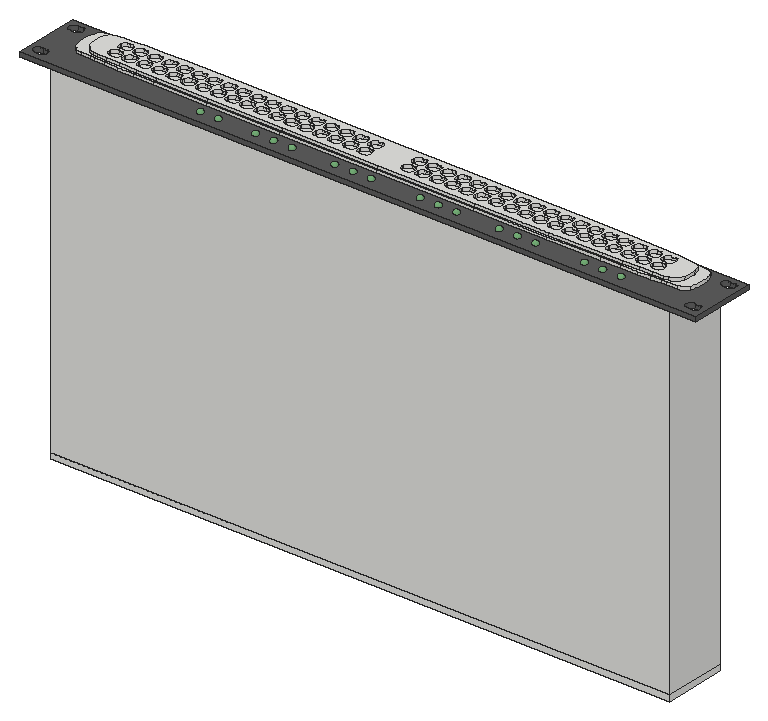
Revit family "Electronics_Expansion-Outputs_Biamp_Vocia_Enhanced-Output-Device_VO-4e__", category Communication Devices, host Face, Revit 2020
Family settings
  Host = Face
  Maintain Annotation Orientation = No
  Round Connector Dimension = Use Diameter
  Part Type = Normal
  OmniClass Number = 23.85.10.11.14
  OmniClass Title = Audio Equipment
  Cut with Voids When Loaded = No
  Shared = No
  Room Calculation Point = No
Parameters (values of type "VO-4e")
  Width = 19.00"  # constant formula
  Weight = 6.40 lbf  # constant formula
  Voltage = 0 V
  Vocia VO-4e = yes
  Un-assert = "Open Circuit"  # constant formula
  URL = "https://www.biamp.com/"
  Type Control Outputs = "Single Form C voltage free change over contact"  # constant formula
  Temperature Range = "23 - 104° F (-8 - 42° C)"  # constant formula
  THD+N = "<0.05%"  # constant formula
  Product data url = "https://www.bimobject.com/biamp/product/vocia-vo-4e_expansion-output"
  Product Page URL = "https://www.biamp.com/products/product-families/vocia/vocia-expansion-outputs#vocia-vo-4e"
  Product Documentation Link = "https://downloads.biamp.com/assets/docs/default-source/data-sheets/biamp_data_sheet_vocia_vo-4e_oct18.pdf"
  Power Factor = 1
  Number of Poles = 1
  Nominal Output Level = "-10dBu, 0dBu, +4dBu (selectable)"  # constant formula
  Network Connection = "Dual RJ45 with shielded Ethernet (CAT5, CAT5e, CAT6, or CAT 7)"  # constant formula
  Network Audio = "20-bits, 48kHz, 5-1/3 ms (fxed)"  # constant formula
  Model = "Vocia VO-4e"  # constant formula
  Min Operating Load = "10µA 10mV DC"  # constant formula
  Memory = "5.625 MB"  # constant formula
  Maximum Output Load = "2 kohm"  # constant formula
  Maximum Output Level = "+22dBu"  # constant formula
  Max. short circuit current = "1mA"  # constant formula
  Max Switching Capacity = "37 VA"  # constant formula
  Max Power Consumption = 0 W
  Max Operating Voltage = "125V AC, 60V DC"  # constant formula
  Manufacturer = "Biamp"  # constant formula
  Input Impedance = "100 kohm"  # constant formula
  Humidity = "0-95% relative humidity (non-condensing)"  # constant formula
  Housing Material = Biamp - Metal - Silver
  Height = 1.75"  # constant formula
  Frequency Response = "± 1dB"  # constant formula
  Dynamic Range = ">100dB"  # constant formula
  Description = "Vocia® VO-4e Enhanced Output Device"  # constant formula
  Depth = 10.00"  # constant formula
  Default Elevation = 48.00"
  Connector Description = "RJ-45 PoE 802.3af Class 3; Primary"  # constant formula
  Compliance = "FCC Part 15B (USA) ,RCM (Australia), CE marked (Europe) ,RoHS Directive (Europe)"  # constant formula
  Aux Voltage Nominal = "24V DC; <100mV Ripple (Max 15W)"  # constant formula
  Assert = "Voltage free contact to ground"  # constant formula
  Assembly Code = ""
  Apparent Load = Max Power Consumption / Power Factor  # 0 VA
  Altitude = "0-10,000 ft (0-3000m) MSL"  # constant formula
Reference planes (in)
  plane 1 "Center (Front/Back)": y = 0
  plane 2: z = 0
  plane 3 "Center (Left/Right)": x = 0
  plane 4: y = 0.875
  plane 5: y = -0.875
  plane 6: x = 18.34344
  plane 7: y = 0.62447
  plane 8: y = -0.62509
Dimensions and locks (in)
  equal spacing: plane 4, plane 1 "Center (Front/Back)", plane 5
  "Height": plane 4 to plane 5
  aligned and locked: plane 2 to host face
  aligned and locked: level to host face
Automatic sketch dimensions
  host sketch curve to host sketch curve = 96.00"  (x2)
Nested families (in)
  nested 1: "VO-4" at (9.17142, -0.875, -4.875) x (1, 0, 0) z (0, 1, 0), type "VO-4e"
Connectors (in)
  electrical at (12.3088, -0.21535, -9.70833), driven by "Voltage", driven by "Apparent Load", driven by "Number of Poles", driven by "Power Factor", driven by "Connector Description"
    settings: on nested 1, index 1, voltage 0 V, apparent load 0 VA, apparent load phase1 0 VA, apparent load phase2 0 VA, apparent load phase3 0 VA, power factor 1, load classification "Other", number of poles 1, system type 31, power factor state 1, is connector primary yes, connector utility no, sub classification motor no, connector description "RJ-45 PoE 802.3af Class 3; Primary"
  electrical at (11.674, -0.21535, -9.70833), driven by "Voltage", driven by "Apparent Load", driven by "Number of Poles", driven by "Power Factor"
    settings: on nested 1, index 2, voltage 0 V, apparent load 0 VA, apparent load phase1 0 VA, apparent load phase2 0 VA, apparent load phase3 0 VA, power factor 1, load classification "Other", number of poles 1, system type 31, power factor state 1, is connector primary no, connector utility no, sub classification motor no, connector description "RJ-45 PoE 802.3af Class 3; Secondary"
  electrical at (15.58473, -0.31192, -9.70833), driven by "Number of Poles", driven by "Voltage", driven by "Apparent Load", driven by "Power Factor"
    settings: on nested 1, index 3, voltage 0 V, apparent load 0 VA, apparent load phase1 0 VA, apparent load phase2 0 VA, apparent load phase3 0 VA, power factor 1, load classification "Other", number of poles 1, system type 30, power factor state 1, is connector primary no, connector utility no, sub classification motor no, connector description "Auxiliary Power 1,2; 24V DC"
  electrical at (17.39767, 0, -9.70833)
    settings: on nested 1, index 4, voltage 0 V, apparent load 0 VA, apparent load phase1 0 VA, apparent load phase2 0 VA, apparent load phase3 0 VA, power factor 1, load classification "Other", number of poles 1, system type 5, power factor state 1, is connector primary no, connector utility no, sub classification motor no, connector description "GND"
  electrical at (10.9066, 0.33295, -9.70833)
    settings: on nested 1, index 5, voltage 0 V, apparent load 0 VA, apparent load phase1 0 VA, apparent load phase2 0 VA, apparent load phase3 0 VA, power factor 1, load classification "Other", number of poles 1, system type 5, power factor state 1, is connector primary no, connector utility no, sub classification motor no, connector description "Audio output 1"
  electrical at (10.17992, 0.33295, -9.70833)
    settings: on nested 1, index 6, voltage 0 V, apparent load 0 VA, apparent load phase1 0 VA, apparent load phase2 0 VA, apparent load phase3 0 VA, power factor 1, load classification "Other", number of poles 1, system type 5, power factor state 1, is connector primary no, connector utility no, sub classification motor no, connector description "Audio output 2"
  electrical at (9.1268, 0.33295, -9.70833)
    settings: on nested 1, index 7, voltage 0 V, apparent load 0 VA, apparent load phase1 0 VA, apparent load phase2 0 VA, apparent load phase3 0 VA, power factor 1, load classification "Other", number of poles 1, system type 5, power factor state 1, is connector primary no, connector utility no, sub classification motor no, connector description "Audio output 3"
  electrical at (8.39711, 0.33295, -9.70833)
    settings: on nested 1, index 8, voltage 0 V, apparent load 0 VA, apparent load phase1 0 VA, apparent load phase2 0 VA, apparent load phase3 0 VA, power factor 1, load classification "Other", number of poles 1, system type 5, power factor state 1, is connector primary no, connector utility no, sub classification motor no, connector description "Audio output 4"
  electrical at (8.56268, -0.39396, -9.70833)
    settings: on nested 1, index 9, voltage 0 V, apparent load 0 VA, apparent load phase1 0 VA, apparent load phase2 0 VA, apparent load phase3 0 VA, power factor 1, load classification "Other", number of poles 1, system type 5, power factor state 1, is connector primary no, connector utility no, sub classification motor no, connector description "Page Active Relays (x4)"
  electrical at (7.14308, -0.30816, -9.70833)
    settings: on nested 1, index 10, voltage 0 V, apparent load 0 VA, apparent load phase1 0 VA, apparent load phase2 0 VA, apparent load phase3 0 VA, power factor 1, load classification "Other", number of poles 1, system type 5, power factor state 1, is connector primary no, connector utility no, sub classification motor no, connector description "Failover"
  electrical at (5.87994, -0.05802, -9.70833)
    settings: on nested 1, index 11, voltage 0 V, apparent load 0 VA, apparent load phase1 0 VA, apparent load phase2 0 VA, apparent load phase3 0 VA, power factor 1, load classification "Other", number of poles 1, system type 5, power factor state 1, is connector primary no, connector utility no, sub classification motor no, connector description "Control Outputs 1,2"
  electrical at (4.49645, -0.05802, -9.70833)
    settings: on nested 1, index 12, voltage 0 V, apparent load 0 VA, apparent load phase1 0 VA, apparent load phase2 0 VA, apparent load phase3 0 VA, power factor 1, load classification "Other", number of poles 1, system type 5, power factor state 1, is connector primary no, connector utility no, sub classification motor no, connector description "Control Outputs 3,4"
  electrical at (3.02357, -0.05802, -9.70833)
    settings: on nested 1, index 13, voltage 0 V, apparent load 0 VA, apparent load phase1 0 VA, apparent load phase2 0 VA, apparent load phase3 0 VA, power factor 1, load classification "Other", number of poles 1, system type 5, power factor state 1, is connector primary no, connector utility no, sub classification motor no, connector description "Control Inputs (x4)"
  electrical at (1.45724, -0.05802, -9.70833)
    settings: on nested 1, index 14, voltage 0 V, apparent load 0 VA, apparent load phase1 0 VA, apparent load phase2 0 VA, apparent load phase3 0 VA, power factor 1, load classification "Other", number of poles 1, system type 5, power factor state 1, is connector primary no, connector utility no, sub classification motor no, connector description "Amp. Fault Input (x4)"
Definition of nested family "VO-4"
  Parameters (values of type "VO-4e")
    Width1 = 19.00"
    Vocia VO-4e = yes
    Vocia VO-4 = no
    URL = ""
    Model = ""
    Material Case = none
    Manufacturer = ""
    Height1 = 1.75"
    Description = ""
    Depth1 = 10.00"
    Default Elevation = 48.00"
    Assembly Code = ""
  Reference planes (in)
    plane 1 "Center (Front/Back)": y = 0
    plane 2: z = 0
    plane 3 "Center (Left/Right)": x = 0
  Forms (in)
    Extrusion 1, solid, not visible
      sketch origin (0, 0, 0) x (1, 0, 0) y (0, 1, 0)
        loop
          line (-48, 48) -> (-48, -48) -> (48, -48) -> (48, 48) -> (-48, 48)
      from 0 to -12
    Extrusion 2, solid, detail levels medium+fine
      sketch origin (0, 0, 0) x (1, 0, 0) y (0, 1, 0)
        loop
          line (-9.5, -4.875) -> (-9.5, -5) -> (9.5, -5) -> (9.5, -4.875) -> (-9.5, -4.875)
      from -0.06582 to 1.77048
    Extrusion 3, solid, material <- "Material Case"
      sketch origin (0, 0, 0) x (1, 0, 0) y (0, 1, 0)
        loop
          line (-8.69922, -4.875) -> (8.70241, -4.875) -> (8.70241, 4.83333) -> (-8.69922, 4.83333) -> (-8.69922, -4.875)
      from 0 to 1.75
    Extrusion 4, void
      sketch origin (0, 0, 0) x (1, 0, 0) y (0, 0, 1)
        loop
          line (9.24101, 1.63341) -> (9.10302, 1.63341)
          arc (9.10302, 1.63341) -> (8.96908, 1.49947) -> (9.10302, 1.36552) r 0.13395
          line (9.10302, 1.36552) -> (9.24101, 1.36552)
          arc (9.24101, 1.36552) -> (9.37496, 1.49947) -> (9.24101, 1.63341) r 0.13395
        loop
          line (9.24101, 0.38386) -> (9.10302, 0.38386)
          arc (9.10302, 0.38386) -> (8.96908, 0.24991) -> (9.10302, 0.11597) r 0.13395
          line (9.10302, 0.11597) -> (9.24101, 0.11597)
          arc (9.24101, 0.11597) -> (9.37496, 0.24991) -> (9.24101, 0.38386) r 0.13395
        loop
          line (-9.10242, 0.38386) -> (-9.24042, 0.38386)
          arc (-9.24042, 0.38386) -> (-9.37436, 0.24991) -> (-9.24042, 0.11597) r 0.13395
          line (-9.24042, 0.11597) -> (-9.10242, 0.11597)
          arc (-9.10242, 0.11597) -> (-8.96848, 0.24991) -> (-9.10242, 0.38386) r 0.13395
        loop
          line (-9.10242, 1.63341) -> (-9.24042, 1.63341)
          arc (-9.24042, 1.63341) -> (-9.37436, 1.49947) -> (-9.24042, 1.36552) r 0.13395
          line (-9.24042, 1.36552) -> (-9.10242, 1.36552)
          arc (-9.10242, 1.36552) -> (-8.96848, 1.49947) -> (-9.10242, 1.63341) r 0.13395
      from 4.875 to 5
    Extrusion 5, solid, material <- "Material Case", detail levels medium+fine
      sketch origin (0, 0, 0) x (1, 0, 0) y (0, 0, 1)
        loop
          spline (-8.64077, 1.5063) -> (-8.65735, 1.45449) -> (-8.67111, 1.39928) -> (-8.68189, 1.34132) -> (-8.68957, 1.2813) -> (-8.69405, 1.21991) -> (-8.69529, 1.15789) -> (-8.69326, 1.09595) -> (-8.688, 1.03483) -> (-8.67956, 0.97524) -> (-8.66804, 0.91788) -> (-8.65359, 0.86344) -> (-8.63636, 0.81254)
          arc (-8.63636, 0.81254) -> (-8.53568, 0.71131) -> (-8.3997, 0.66781) r 0.30126
          line (-8.3997, 0.66781) -> (-8.09718, 0.64647) -> (-7.96202, 0.63909) -> (-7.67946, 0.629) -> (-7.31432, 0.62036) -> (-6.85355, 0.61315) -> (-6.28557, 0.6074) -> (-4.78587, 0.59874) -> (-2.72254, 0.59296) -> (0.00007, 0.59153) -> (2.72124, 0.59296) -> (4.78457, 0.59874) -> (6.28425, 0.6074) -> (6.85225, 0.61315) -> (7.31301, 0.62036) -> (7.67815, 0.629) -> (7.96073, 0.63909) -> (8.10159, 0.64678) -> (8.3997, 0.66781)
          arc (8.3997, 0.66781) -> (8.53568, 0.71131) -> (8.63636, 0.81254) r 0.30126
          spline (8.63636, 0.81254) -> (8.65359, 0.86344) -> (8.66804, 0.91788) -> (8.67956, 0.97524) -> (8.688, 1.03483) -> (8.69326, 1.09595) -> (8.69529, 1.15789) -> (8.69405, 1.21991) -> (8.68957, 1.2813) -> (8.68189, 1.34132) -> (8.67111, 1.39928) -> (8.65735, 1.45449) -> (8.64077, 1.5063)
          arc (8.64077, 1.5063) -> (8.53939, 1.61277) -> (8.3997, 1.65858) r 0.30126
          line (8.3997, 1.65858) -> (8.09857, 1.67982) -> (7.96202, 1.68728) -> (7.67946, 1.69738) -> (7.31432, 1.70603) -> (6.85355, 1.71324) -> (6.28557, 1.71901) -> (4.78587, 1.72765) -> (2.72254, 1.73341) -> (0, 1.73341) -> (-2.72254, 1.73341) -> (-4.78587, 1.72765) -> (-6.28557, 1.71901) -> (-6.85355, 1.71324) -> (-7.31432, 1.70603) -> (-7.67946, 1.69738) -> (-7.96202, 1.68728) -> (-8.09857, 1.67982) -> (-8.3997, 1.65858)
          arc (-8.3997, 1.65858) -> (-8.53939, 1.61277) -> (-8.64077, 1.5063) r 0.30126
      from 5 to 5.07874
    Extrusion 6, solid, material <- "Material Case", detail levels medium+fine
      sketch origin (0, -0.15748, 0) x (1, 0, 0) y (0, 0, 1)
        loop
          spline (-8.37154, 1.29486) -> (-8.37332, 1.26859) -> (-8.37451, 1.24218) -> (-8.37511, 1.21568) -> (-8.37511, 1.18916) -> (-8.37452, 1.16266) -> (-8.37333, 1.13625) -> (-8.37155, 1.10998) -> (-8.36918, 1.08391) -> (-8.36623, 1.05809) -> (-8.36271, 1.03258) -> (-8.35862, 1.00744) -> (-8.35396, 0.98271)
          arc (-8.35396, 0.98271) -> (-8.25757, 0.81591) -> (-8.07982, 0.74163) r 0.30126
          line (-8.07982, 0.74163) -> (-7.95889, 0.72678) -> (-7.67889, 0.69972) -> (-7.31401, 0.68698) -> (-6.85337, 0.67739) -> (-6.28549, 0.66748) -> (-4.78587, 0.64526) -> (-2.72254, 0.63949) -> (0.00007, 0.63805) -> (2.72124, 0.63949) -> (4.78457, 0.64526) -> (6.27228, 0.66588) -> (6.83902, 0.6729) -> (7.31292, 0.68465) -> (7.67104, 0.69942) -> (7.95889, 0.72678) -> (8.07982, 0.74163)
          arc (8.07982, 0.74163) -> (8.25757, 0.81591) -> (8.35396, 0.98271) r 0.30126
          spline (8.35396, 0.98271) -> (8.35862, 1.00744) -> (8.36271, 1.03258) -> (8.36623, 1.05809) -> (8.36918, 1.08391) -> (8.37155, 1.10998) -> (8.37333, 1.13625) -> (8.37452, 1.16266) -> (8.37511, 1.18916) -> (8.37511, 1.21568) -> (8.37451, 1.24218) -> (8.37332, 1.26859) -> (8.37154, 1.29486)
          arc (8.37154, 1.29486) -> (8.2982, 1.49367) -> (8.1122, 1.5952) r 0.30168
          line (8.1122, 1.5952) -> (7.92694, 1.62145) -> (7.67897, 1.63879) -> (7.32026, 1.65132) -> (6.85311, 1.66718) -> (6.28557, 1.68133) -> (4.78587, 1.68997) -> (2.72254, 1.69573) -> (0, 1.69573) -> (-2.72254, 1.69573) -> (-4.78587, 1.68997) -> (-6.28557, 1.67233) -> (-6.84373, 1.66574) -> (-7.31432, 1.65042) -> (-7.67946, 1.63496) -> (-7.92694, 1.62145) -> (-8.1122, 1.5952)
          arc (-8.1122, 1.5952) -> (-8.2982, 1.49367) -> (-8.37154, 1.29486) r 0.30168
        loop
          arc (-7.46372, 1.36914) -> (-7.50281, 1.46352) -> (-7.5972, 1.50262) r 0.13348
          line (-7.5972, 1.50262) -> (-7.68831, 1.50262)
          arc (-7.68831, 1.50262) -> (-7.78269, 1.46352) -> (-7.82179, 1.36914) r 0.13348
          line (-7.82179, 1.36914) -> (-7.82179, 1.32816)
          arc (-7.82179, 1.32816) -> (-7.78088, 1.22938) -> (-7.68211, 1.18847) r 0.13968
          line (-7.68211, 1.18847) -> (-7.6034, 1.18847)
          arc (-7.6034, 1.18847) -> (-7.50463, 1.22938) -> (-7.46372, 1.32816) r 0.13968
          line (-7.46372, 1.32816) -> (-7.46372, 1.36914)
        loop
          arc (-7.05847, 1.36914) -> (-7.09756, 1.46352) -> (-7.19195, 1.50262) r 0.13348
          line (-7.19195, 1.50262) -> (-7.28306, 1.50262)
          arc (-7.28306, 1.50262) -> (-7.37744, 1.46352) -> (-7.41654, 1.36914) r 0.13348
          line (-7.41654, 1.36914) -> (-7.41654, 1.32816)
          arc (-7.41654, 1.32816) -> (-7.37563, 1.22938) -> (-7.27685, 1.18847) r 0.13968
          line (-7.27685, 1.18847) -> (-7.19815, 1.18847)
          arc (-7.19815, 1.18847) -> (-7.09938, 1.22938) -> (-7.05847, 1.32816) r 0.13968
          line (-7.05847, 1.32816) -> (-7.05847, 1.36914)
        loop
          arc (-6.64583, 1.36914) -> (-6.68492, 1.46352) -> (-6.77931, 1.50262) r 0.13348
          line (-6.77931, 1.50262) -> (-6.87042, 1.50262)
          arc (-6.87042, 1.50262) -> (-6.96481, 1.46352) -> (-7.0039, 1.36914) r 0.13348
          line (-7.0039, 1.36914) -> (-7.0039, 1.32816)
          arc (-7.0039, 1.32816) -> (-6.96299, 1.22938) -> (-6.86422, 1.18847) r 0.13968
          line (-6.86422, 1.18847) -> (-6.78551, 1.18847)
          arc (-6.78551, 1.18847) -> (-6.68674, 1.22938) -> (-6.64583, 1.32816) r 0.13968
          line (-6.64583, 1.32816) -> (-6.64583, 1.36914)
        loop
          arc (-6.22965, 1.36914) -> (-6.26875, 1.46352) -> (-6.36313, 1.50262) r 0.13348
          line (-6.36313, 1.50262) -> (-6.45424, 1.50262)
          arc (-6.45424, 1.50262) -> (-6.54863, 1.46352) -> (-6.58773, 1.36914) r 0.13348
          line (-6.58773, 1.36914) -> (-6.58773, 1.32816)
          arc (-6.58773, 1.32816) -> (-6.54681, 1.22938) -> (-6.44804, 1.18847) r 0.13968
          line (-6.44804, 1.18847) -> (-6.36934, 1.18847)
          arc (-6.36934, 1.18847) -> (-6.27057, 1.22938) -> (-6.22965, 1.32816) r 0.13968
          line (-6.22965, 1.32816) -> (-6.22965, 1.36914)
        loop
          arc (-5.81739, 1.36914) -> (-5.85649, 1.46352) -> (-5.95088, 1.50262) r 0.13348
          line (-5.95088, 1.50262) -> (-6.04199, 1.50262)
          arc (-6.04199, 1.50262) -> (-6.13637, 1.46352) -> (-6.17547, 1.36914) r 0.13348
          line (-6.17547, 1.36914) -> (-6.17547, 1.32816)
          arc (-6.17547, 1.32816) -> (-6.13455, 1.22938) -> (-6.03578, 1.18847) r 0.13968
          line (-6.03578, 1.18847) -> (-5.95708, 1.18847)
          arc (-5.95708, 1.18847) -> (-5.85831, 1.22938) -> (-5.81739, 1.32816) r 0.13968
          line (-5.81739, 1.32816) -> (-5.81739, 1.36914)
        loop
          arc (-5.40456, 1.36914) -> (-5.44365, 1.46352) -> (-5.53804, 1.50262) r 0.13348
          line (-5.53804, 1.50262) -> (-5.62915, 1.50262)
          arc (-5.62915, 1.50262) -> (-5.72354, 1.46352) -> (-5.76263, 1.36914) r 0.13348
          line (-5.76263, 1.36914) -> (-5.76263, 1.32816)
          arc (-5.76263, 1.32816) -> (-5.72172, 1.22938) -> (-5.62295, 1.18847) r 0.13968
          line (-5.62295, 1.18847) -> (-5.54424, 1.18847)
          arc (-5.54424, 1.18847) -> (-5.44547, 1.22938) -> (-5.40456, 1.32816) r 0.13968
          line (-5.40456, 1.32816) -> (-5.40456, 1.36914)
        loop
          arc (-4.99172, 1.36914) -> (-5.03081, 1.46352) -> (-5.1252, 1.50262) r 0.13348
          line (-5.1252, 1.50262) -> (-5.21631, 1.50262)
          arc (-5.21631, 1.50262) -> (-5.31069, 1.46352) -> (-5.34979, 1.36914) r 0.13348
          line (-5.34979, 1.36914) -> (-5.34979, 1.32816)
          arc (-5.34979, 1.32816) -> (-5.30888, 1.22938) -> (-5.21011, 1.18847) r 0.13968
          line (-5.21011, 1.18847) -> (-5.1314, 1.18847)
          arc (-5.1314, 1.18847) -> (-5.03263, 1.22938) -> (-4.99172, 1.32816) r 0.13968
          line (-4.99172, 1.32816) -> (-4.99172, 1.36914)
        loop
          arc (-4.57541, 1.36914) -> (-4.61451, 1.46352) -> (-4.70889, 1.50262) r 0.13348
          line (-4.70889, 1.50262) -> (-4.8, 1.50262)
          arc (-4.8, 1.50262) -> (-4.89439, 1.46352) -> (-4.93348, 1.36914) r 0.13348
          line (-4.93348, 1.36914) -> (-4.93348, 1.32816)
          arc (-4.93348, 1.32816) -> (-4.89257, 1.22938) -> (-4.7938, 1.18847) r 0.13968
          line (-4.7938, 1.18847) -> (-4.71509, 1.18847)
          arc (-4.71509, 1.18847) -> (-4.61632, 1.22938) -> (-4.57541, 1.32816) r 0.13968
          line (-4.57541, 1.32816) -> (-4.57541, 1.36914)
        loop
          arc (-4.16257, 1.36914) -> (-4.20167, 1.46352) -> (-4.29606, 1.50262) r 0.13348
          line (-4.29606, 1.50262) -> (-4.38717, 1.50262)
          arc (-4.38717, 1.50262) -> (-4.48155, 1.46352) -> (-4.52065, 1.36914) r 0.13348
          line (-4.52065, 1.36914) -> (-4.52065, 1.32816)
          arc (-4.52065, 1.32816) -> (-4.47973, 1.22938) -> (-4.38096, 1.18847) r 0.13968
          line (-4.38096, 1.18847) -> (-4.30226, 1.18847)
          arc (-4.30226, 1.18847) -> (-4.20349, 1.22938) -> (-4.16257, 1.32816) r 0.13968
          line (-4.16257, 1.32816) -> (-4.16257, 1.36914)
        loop
          arc (-3.7532, 1.36914) -> (-3.7923, 1.46352) -> (-3.88669, 1.50262) r 0.13348
          line (-3.88669, 1.50262) -> (-3.9778, 1.50262)
          arc (-3.9778, 1.50262) -> (-4.07218, 1.46352) -> (-4.11128, 1.36914) r 0.13348
          line (-4.11128, 1.36914) -> (-4.11128, 1.32816)
          arc (-4.11128, 1.32816) -> (-4.07036, 1.22938) -> (-3.97159, 1.18847) r 0.13968
          line (-3.97159, 1.18847) -> (-3.89289, 1.18847)
          arc (-3.89289, 1.18847) -> (-3.79412, 1.22938) -> (-3.7532, 1.32816) r 0.13968
          line (-3.7532, 1.32816) -> (-3.7532, 1.36914)
        loop
          arc (-3.34036, 1.36914) -> (-3.37946, 1.46352) -> (-3.47384, 1.50262) r 0.13348
          line (-3.47384, 1.50262) -> (-3.56495, 1.50262)
          arc (-3.56495, 1.50262) -> (-3.65934, 1.46352) -> (-3.69843, 1.36914) r 0.13348
          line (-3.69843, 1.36914) -> (-3.69843, 1.32816)
          arc (-3.69843, 1.32816) -> (-3.65752, 1.22938) -> (-3.55875, 1.18847) r 0.13968
          line (-3.55875, 1.18847) -> (-3.48005, 1.18847)
          arc (-3.48005, 1.18847) -> (-3.38127, 1.22938) -> (-3.34036, 1.32816) r 0.13968
          line (-3.34036, 1.32816) -> (-3.34036, 1.36914)
        loop
          arc (-2.92405, 1.36914) -> (-2.96315, 1.46352) -> (-3.05754, 1.50262) r 0.13348
          line (-3.05754, 1.50262) -> (-3.14865, 1.50262)
          arc (-3.14865, 1.50262) -> (-3.24303, 1.46352) -> (-3.28213, 1.36914) r 0.13348
          line (-3.28213, 1.36914) -> (-3.28213, 1.32816)
          arc (-3.28213, 1.32816) -> (-3.24121, 1.22938) -> (-3.14244, 1.18847) r 0.13968
          line (-3.14244, 1.18847) -> (-3.06374, 1.18847)
          arc (-3.06374, 1.18847) -> (-2.96497, 1.22938) -> (-2.92405, 1.32816) r 0.13968
          line (-2.92405, 1.32816) -> (-2.92405, 1.36914)
        loop
          arc (-2.51122, 1.36914) -> (-2.55032, 1.46352) -> (-2.6447, 1.50262) r 0.13348
          line (-2.6447, 1.50262) -> (-2.73581, 1.50262)
          arc (-2.73581, 1.50262) -> (-2.8302, 1.46352) -> (-2.86929, 1.36914) r 0.13348
          line (-2.86929, 1.36914) -> (-2.86929, 1.32816)
          arc (-2.86929, 1.32816) -> (-2.82838, 1.22938) -> (-2.72961, 1.18847) r 0.13968
          line (-2.72961, 1.18847) -> (-2.6509, 1.18847)
          arc (-2.6509, 1.18847) -> (-2.55213, 1.22938) -> (-2.51122, 1.32816) r 0.13968
          line (-2.51122, 1.32816) -> (-2.51122, 1.36914)
        loop
          arc (-2.10165, 1.36914) -> (-2.14075, 1.46352) -> (-2.23514, 1.50262) r 0.13348
          line (-2.23514, 1.50262) -> (-2.32625, 1.50262)
          arc (-2.32625, 1.50262) -> (-2.42063, 1.46352) -> (-2.45973, 1.36914) r 0.13348
          line (-2.45973, 1.36914) -> (-2.45973, 1.32816)
          arc (-2.45973, 1.32816) -> (-2.41882, 1.22938) -> (-2.32004, 1.18847) r 0.13968
          line (-2.32004, 1.18847) -> (-2.24134, 1.18847)
          arc (-2.24134, 1.18847) -> (-2.14257, 1.22938) -> (-2.10165, 1.32816) r 0.13968
          line (-2.10165, 1.32816) -> (-2.10165, 1.36914)
        loop
          arc (-1.68901, 1.36914) -> (-1.7281, 1.46352) -> (-1.82249, 1.50262) r 0.13348
          line (-1.82249, 1.50262) -> (-1.9136, 1.50262)
          arc (-1.9136, 1.50262) -> (-2.00798, 1.46352) -> (-2.04708, 1.36914) r 0.13348
          line (-2.04708, 1.36914) -> (-2.04708, 1.32816)
          arc (-2.04708, 1.32816) -> (-2.00617, 1.22938) -> (-1.9074, 1.18847) r 0.13968
          line (-1.9074, 1.18847) -> (-1.82869, 1.18847)
          arc (-1.82869, 1.18847) -> (-1.72992, 1.22938) -> (-1.68901, 1.32816) r 0.13968
          line (-1.68901, 1.32816) -> (-1.68901, 1.36914)
        loop
          arc (-1.2727, 1.36914) -> (-1.3118, 1.46352) -> (-1.40618, 1.50262) r 0.13348
          line (-1.40618, 1.50262) -> (-1.49729, 1.50262)
          arc (-1.49729, 1.50262) -> (-1.59168, 1.46352) -> (-1.63077, 1.36914) r 0.13348
          line (-1.63077, 1.36914) -> (-1.63077, 1.32816)
          arc (-1.63077, 1.32816) -> (-1.58986, 1.22938) -> (-1.49109, 1.18847) r 0.13968
          line (-1.49109, 1.18847) -> (-1.41238, 1.18847)
          arc (-1.41238, 1.18847) -> (-1.31361, 1.22938) -> (-1.2727, 1.32816) r 0.13968
          line (-1.2727, 1.32816) -> (-1.2727, 1.36914)
        loop
          arc (-0.85986, 1.36914) -> (-0.89895, 1.46352) -> (-0.99334, 1.50262) r 0.13348
          line (-0.99334, 1.50262) -> (-1.08445, 1.50262)
          arc (-1.08445, 1.50262) -> (-1.17883, 1.46352) -> (-1.21793, 1.36914) r 0.13348
          line (-1.21793, 1.36914) -> (-1.21793, 1.32816)
          arc (-1.21793, 1.32816) -> (-1.17702, 1.22938) -> (-1.07825, 1.18847) r 0.13968
          line (-1.07825, 1.18847) -> (-0.99954, 1.18847)
          arc (-0.99954, 1.18847) -> (-0.90077, 1.22938) -> (-0.85986, 1.32816) r 0.13968
          line (-0.85986, 1.32816) -> (-0.85986, 1.36914)
        loop
          arc (-0.44355, 1.36914) -> (-0.48265, 1.46352) -> (-0.57703, 1.50262) r 0.13348
          line (-0.57703, 1.50262) -> (-0.66814, 1.50262)
          arc (-0.66814, 1.50262) -> (-0.76253, 1.46352) -> (-0.80162, 1.36914) r 0.13348
          line (-0.80162, 1.36914) -> (-0.80162, 1.32816)
          arc (-0.80162, 1.32816) -> (-0.76071, 1.22938) -> (-0.66194, 1.18847) r 0.13968
          line (-0.66194, 1.18847) -> (-0.58323, 1.18847)
          arc (-0.58323, 1.18847) -> (-0.48446, 1.22938) -> (-0.44355, 1.32816) r 0.13968
          line (-0.44355, 1.32816) -> (-0.44355, 1.36914)
        loop
          arc (0.77646, 1.36914) -> (0.73736, 1.46352) -> (0.64297, 1.50262) r 0.13348
          line (0.64297, 1.50262) -> (0.55186, 1.50262)
          arc (0.55186, 1.50262) -> (0.45748, 1.46352) -> (0.41838, 1.36914) r 0.13348
          line (0.41838, 1.36914) -> (0.41838, 1.32816)
          arc (0.41838, 1.32816) -> (0.45929, 1.22938) -> (0.55807, 1.18847) r 0.13968
          line (0.55807, 1.18847) -> (0.63677, 1.18847)
          arc (0.63677, 1.18847) -> (0.73554, 1.22938) -> (0.77646, 1.32816) r 0.13968
          line (0.77646, 1.32816) -> (0.77646, 1.36914)
        loop
          arc (1.18171, 1.36914) -> (1.14261, 1.46352) -> (1.04823, 1.50262) r 0.13348
          line (1.04823, 1.50262) -> (0.95712, 1.50262)
          arc (0.95712, 1.50262) -> (0.86273, 1.46352) -> (0.82363, 1.36914) r 0.13348
          line (0.82363, 1.36914) -> (0.82363, 1.32816)
          arc (0.82363, 1.32816) -> (0.86455, 1.22938) -> (0.96332, 1.18847) r 0.13968
          line (0.96332, 1.18847) -> (1.04202, 1.18847)
          arc (1.04202, 1.18847) -> (1.14079, 1.22938) -> (1.18171, 1.32816) r 0.13968
          line (1.18171, 1.32816) -> (1.18171, 1.36914)
        loop
          arc (1.59434, 1.36914) -> (1.55525, 1.46352) -> (1.46086, 1.50262) r 0.13348
          line (1.46086, 1.50262) -> (1.36975, 1.50262)
          arc (1.36975, 1.50262) -> (1.27537, 1.46352) -> (1.23627, 1.36914) r 0.13348
          line (1.23627, 1.36914) -> (1.23627, 1.32816)
          arc (1.23627, 1.32816) -> (1.27718, 1.22938) -> (1.37596, 1.18847) r 0.13968
          line (1.37596, 1.18847) -> (1.45466, 1.18847)
          arc (1.45466, 1.18847) -> (1.55343, 1.22938) -> (1.59434, 1.32816) r 0.13968
          line (1.59434, 1.32816) -> (1.59434, 1.36914)
        loop
          arc (2.01052, 1.36914) -> (1.97142, 1.46352) -> (1.87704, 1.50262) r 0.13348
          line (1.87704, 1.50262) -> (1.78593, 1.50262)
          arc (1.78593, 1.50262) -> (1.69154, 1.46352) -> (1.65245, 1.36914) r 0.13348
          line (1.65245, 1.36914) -> (1.65245, 1.32816)
          arc (1.65245, 1.32816) -> (1.69336, 1.22938) -> (1.79213, 1.18847) r 0.13968
          line (1.79213, 1.18847) -> (1.87083, 1.18847)
          arc (1.87083, 1.18847) -> (1.96961, 1.22938) -> (2.01052, 1.32816) r 0.13968
          line (2.01052, 1.32816) -> (2.01052, 1.36914)
        loop
          arc (2.42278, 1.36914) -> (2.38368, 1.46352) -> (2.2893, 1.50262) r 0.13348
          line (2.2893, 1.50262) -> (2.19819, 1.50262)
          arc (2.19819, 1.50262) -> (2.1038, 1.46352) -> (2.0647, 1.36914) r 0.13348
          line (2.0647, 1.36914) -> (2.0647, 1.32816)
          arc (2.0647, 1.32816) -> (2.10562, 1.22938) -> (2.20439, 1.18847) r 0.13968
          line (2.20439, 1.18847) -> (2.28309, 1.18847)
          arc (2.28309, 1.18847) -> (2.38187, 1.22938) -> (2.42278, 1.32816) r 0.13968
          line (2.42278, 1.32816) -> (2.42278, 1.36914)
        loop
          arc (2.83561, 1.36914) -> (2.79652, 1.46352) -> (2.70213, 1.50262) r 0.13348
          line (2.70213, 1.50262) -> (2.61102, 1.50262)
          arc (2.61102, 1.50262) -> (2.51664, 1.46352) -> (2.47754, 1.36914) r 0.13348
          line (2.47754, 1.36914) -> (2.47754, 1.32816)
          arc (2.47754, 1.32816) -> (2.51845, 1.22938) -> (2.61722, 1.18847) r 0.13968
          line (2.61722, 1.18847) -> (2.69593, 1.18847)
          arc (2.69593, 1.18847) -> (2.7947, 1.22938) -> (2.83561, 1.32816) r 0.13968
          line (2.83561, 1.32816) -> (2.83561, 1.36914)
        loop
          arc (3.24846, 1.36914) -> (3.20936, 1.46352) -> (3.11497, 1.50262) r 0.13348
          line (3.11497, 1.50262) -> (3.02386, 1.50262)
          arc (3.02386, 1.50262) -> (2.92948, 1.46352) -> (2.89038, 1.36914) r 0.13348
          line (2.89038, 1.36914) -> (2.89038, 1.32816)
          arc (2.89038, 1.32816) -> (2.93129, 1.22938) -> (3.03007, 1.18847) r 0.13968
          line (3.03007, 1.18847) -> (3.10877, 1.18847)
          arc (3.10877, 1.18847) -> (3.20754, 1.22938) -> (3.24846, 1.32816) r 0.13968
          line (3.24846, 1.32816) -> (3.24846, 1.36914)
        loop
          arc (3.66476, 1.36914) -> (3.62567, 1.46352) -> (3.53128, 1.50262) r 0.13348
          line (3.53128, 1.50262) -> (3.44017, 1.50262)
          arc (3.44017, 1.50262) -> (3.34579, 1.46352) -> (3.30669, 1.36914) r 0.13348
          line (3.30669, 1.36914) -> (3.30669, 1.32816)
          arc (3.30669, 1.32816) -> (3.3476, 1.22938) -> (3.44637, 1.18847) r 0.13968
          line (3.44637, 1.18847) -> (3.52508, 1.18847)
          arc (3.52508, 1.18847) -> (3.62385, 1.22938) -> (3.66476, 1.32816) r 0.13968
          line (3.66476, 1.32816) -> (3.66476, 1.36914)
        loop
          arc (4.0776, 1.36914) -> (4.0385, 1.46352) -> (3.94412, 1.50262) r 0.13348
          line (3.94412, 1.50262) -> (3.85301, 1.50262)
          arc (3.85301, 1.50262) -> (3.75862, 1.46352) -> (3.71952, 1.36914) r 0.13348
          line (3.71952, 1.36914) -> (3.71952, 1.32816)
          arc (3.71952, 1.32816) -> (3.76044, 1.22938) -> (3.85921, 1.18847) r 0.13968
          line (3.85921, 1.18847) -> (3.93791, 1.18847)
          arc (3.93791, 1.18847) -> (4.03669, 1.22938) -> (4.0776, 1.32816) r 0.13968
          line (4.0776, 1.32816) -> (4.0776, 1.36914)
        loop
          arc (4.48697, 1.36914) -> (4.44787, 1.46352) -> (4.35349, 1.50262) r 0.13348
          line (4.35349, 1.50262) -> (4.26238, 1.50262)
          arc (4.26238, 1.50262) -> (4.16799, 1.46352) -> (4.12889, 1.36914) r 0.13348
          line (4.12889, 1.36914) -> (4.12889, 1.32816)
          arc (4.12889, 1.32816) -> (4.16981, 1.22938) -> (4.26858, 1.18847) r 0.13968
          line (4.26858, 1.18847) -> (4.34728, 1.18847)
          arc (4.34728, 1.18847) -> (4.44606, 1.22938) -> (4.48697, 1.32816) r 0.13968
          line (4.48697, 1.32816) -> (4.48697, 1.36914)
        loop
          arc (4.89981, 1.36914) -> (4.86071, 1.46352) -> (4.76633, 1.50262) r 0.13348
          line (4.76633, 1.50262) -> (4.67522, 1.50262)
          arc (4.67522, 1.50262) -> (4.58083, 1.46352) -> (4.54174, 1.36914) r 0.13348
          line (4.54174, 1.36914) -> (4.54174, 1.32816)
          arc (4.54174, 1.32816) -> (4.58265, 1.22938) -> (4.68142, 1.18847) r 0.13968
          line (4.68142, 1.18847) -> (4.76013, 1.18847)
          arc (4.76013, 1.18847) -> (4.8589, 1.22938) -> (4.89981, 1.32816) r 0.13968
          line (4.89981, 1.32816) -> (4.89981, 1.36914)
        loop
          arc (5.31612, 1.36914) -> (5.27702, 1.46352) -> (5.18264, 1.50262) r 0.13348
          line (5.18264, 1.50262) -> (5.09153, 1.50262)
          arc (5.09153, 1.50262) -> (4.99714, 1.46352) -> (4.95804, 1.36914) r 0.13348
          line (4.95804, 1.36914) -> (4.95804, 1.32816)
          arc (4.95804, 1.32816) -> (4.99896, 1.22938) -> (5.09773, 1.18847) r 0.13968
          line (5.09773, 1.18847) -> (5.17643, 1.18847)
          arc (5.17643, 1.18847) -> (5.2752, 1.22938) -> (5.31612, 1.32816) r 0.13968
          line (5.31612, 1.32816) -> (5.31612, 1.36914)
        loop
          arc (5.72895, 1.36914) -> (5.68986, 1.46352) -> (5.59547, 1.50262) r 0.13348
          line (5.59547, 1.50262) -> (5.50436, 1.50262)
          arc (5.50436, 1.50262) -> (5.40998, 1.46352) -> (5.37088, 1.36914) r 0.13348
          line (5.37088, 1.36914) -> (5.37088, 1.32816)
          arc (5.37088, 1.32816) -> (5.41179, 1.22938) -> (5.51056, 1.18847) r 0.13968
          line (5.51056, 1.18847) -> (5.58927, 1.18847)
          arc (5.58927, 1.18847) -> (5.68804, 1.22938) -> (5.72895, 1.32816) r 0.13968
          line (5.72895, 1.32816) -> (5.72895, 1.36914)
        loop
          arc (6.13852, 1.36914) -> (6.09942, 1.46352) -> (6.00504, 1.50262) r 0.13348
          line (6.00504, 1.50262) -> (5.91393, 1.50262)
          arc (5.91393, 1.50262) -> (5.81954, 1.46352) -> (5.78044, 1.36914) r 0.13348
          line (5.78044, 1.36914) -> (5.78044, 1.32816)
          arc (5.78044, 1.32816) -> (5.82136, 1.22938) -> (5.92013, 1.18847) r 0.13968
          line (5.92013, 1.18847) -> (5.99883, 1.18847)
          arc (5.99883, 1.18847) -> (6.0976, 1.22938) -> (6.13852, 1.32816) r 0.13968
          line (6.13852, 1.32816) -> (6.13852, 1.36914)
        loop
          arc (6.55116, 1.36914) -> (6.51207, 1.46352) -> (6.41768, 1.50262) r 0.13348
          line (6.41768, 1.50262) -> (6.32657, 1.50262)
          arc (6.32657, 1.50262) -> (6.23219, 1.46352) -> (6.19309, 1.36914) r 0.13348
          line (6.19309, 1.36914) -> (6.19309, 1.32816)
          arc (6.19309, 1.32816) -> (6.234, 1.22938) -> (6.33278, 1.18847) r 0.13968
          line (6.33278, 1.18847) -> (6.41148, 1.18847)
          arc (6.41148, 1.18847) -> (6.51025, 1.22938) -> (6.55116, 1.32816) r 0.13968
          line (6.55116, 1.32816) -> (6.55116, 1.36914)
        loop
          arc (6.96747, 1.36914) -> (6.92838, 1.46352) -> (6.83399, 1.50262) r 0.13348
          line (6.83399, 1.50262) -> (6.74288, 1.50262)
          arc (6.74288, 1.50262) -> (6.64849, 1.46352) -> (6.6094, 1.36914) r 0.13348
          line (6.6094, 1.36914) -> (6.6094, 1.32816)
          arc (6.6094, 1.32816) -> (6.65031, 1.22938) -> (6.74908, 1.18847) r 0.13968
          line (6.74908, 1.18847) -> (6.82779, 1.18847)
          arc (6.82779, 1.18847) -> (6.92656, 1.22938) -> (6.96747, 1.32816) r 0.13968
          line (6.96747, 1.32816) -> (6.96747, 1.36914)
        loop
          arc (7.38031, 1.36914) -> (7.34122, 1.46352) -> (7.24683, 1.50262) r 0.13348
          line (7.24683, 1.50262) -> (7.15572, 1.50262)
          arc (7.15572, 1.50262) -> (7.06134, 1.46352) -> (7.02224, 1.36914) r 0.13348
          line (7.02224, 1.36914) -> (7.02224, 1.32816)
          arc (7.02224, 1.32816) -> (7.06315, 1.22938) -> (7.16193, 1.18847) r 0.13968
          line (7.16193, 1.18847) -> (7.24063, 1.18847)
          arc (7.24063, 1.18847) -> (7.3394, 1.22938) -> (7.38031, 1.32816) r 0.13968
          line (7.38031, 1.32816) -> (7.38031, 1.36914)
        loop
          arc (7.79662, 1.36914) -> (7.75753, 1.46352) -> (7.66314, 1.50262) r 0.13348
          line (7.66314, 1.50262) -> (7.57203, 1.50262)
          arc (7.57203, 1.50262) -> (7.47764, 1.46352) -> (7.43855, 1.36914) r 0.13348
          line (7.43855, 1.36914) -> (7.43855, 1.32816)
          arc (7.43855, 1.32816) -> (7.47946, 1.22938) -> (7.57823, 1.18847) r 0.13968
          line (7.57823, 1.18847) -> (7.65694, 1.18847)
          arc (7.65694, 1.18847) -> (7.75571, 1.22938) -> (7.79662, 1.32816) r 0.13968
          line (7.79662, 1.32816) -> (7.79662, 1.36914)
        loop
          arc (-7.68831, 1.12693) -> (-7.78269, 1.08784) -> (-7.82179, 0.99345) r 0.13348
          line (-7.82179, 0.99345) -> (-7.82179, 0.95247)
          arc (-7.82179, 0.95247) -> (-7.78088, 0.8537) -> (-7.68211, 0.81278) r 0.13968
          line (-7.68211, 0.81278) -> (-7.6034, 0.81278)
          arc (-7.6034, 0.81278) -> (-7.50463, 0.8537) -> (-7.46372, 0.95247) r 0.13968
          line (-7.46372, 0.95247) -> (-7.46372, 0.99345)
          arc (-7.46372, 0.99345) -> (-7.50281, 1.08784) -> (-7.5972, 1.12693) r 0.13348
          line (-7.5972, 1.12693) -> (-7.68831, 1.12693)
        loop
          arc (-7.28306, 1.12693) -> (-7.37744, 1.08784) -> (-7.41654, 0.99345) r 0.13348
          line (-7.41654, 0.99345) -> (-7.41654, 0.95247)
          arc (-7.41654, 0.95247) -> (-7.37563, 0.8537) -> (-7.27685, 0.81278) r 0.13968
          line (-7.27685, 0.81278) -> (-7.19815, 0.81278)
          arc (-7.19815, 0.81278) -> (-7.09938, 0.8537) -> (-7.05847, 0.95247) r 0.13968
          line (-7.05847, 0.95247) -> (-7.05847, 0.99345)
          arc (-7.05847, 0.99345) -> (-7.09756, 1.08784) -> (-7.19195, 1.12693) r 0.13348
          line (-7.19195, 1.12693) -> (-7.28306, 1.12693)
        loop
          arc (-6.87042, 1.12693) -> (-6.96481, 1.08784) -> (-7.0039, 0.99345) r 0.13348
          line (-7.0039, 0.99345) -> (-7.0039, 0.95247)
          arc (-7.0039, 0.95247) -> (-6.96299, 0.8537) -> (-6.86422, 0.81278) r 0.13968
          line (-6.86422, 0.81278) -> (-6.78551, 0.81278)
          arc (-6.78551, 0.81278) -> (-6.68674, 0.8537) -> (-6.64583, 0.95247) r 0.13968
          line (-6.64583, 0.95247) -> (-6.64583, 0.99345)
          arc (-6.64583, 0.99345) -> (-6.68492, 1.08784) -> (-6.77931, 1.12693) r 0.13348
          line (-6.77931, 1.12693) -> (-6.87042, 1.12693)
        loop
          arc (-6.45424, 1.12693) -> (-6.54863, 1.08784) -> (-6.58773, 0.99345) r 0.13348
          line (-6.58773, 0.99345) -> (-6.58773, 0.95247)
          arc (-6.58773, 0.95247) -> (-6.54681, 0.8537) -> (-6.44804, 0.81278) r 0.13968
          line (-6.44804, 0.81278) -> (-6.36934, 0.81278)
          arc (-6.36934, 0.81278) -> (-6.27057, 0.8537) -> (-6.22965, 0.95247) r 0.13968
          line (-6.22965, 0.95247) -> (-6.22965, 0.99345)
          arc (-6.22965, 0.99345) -> (-6.26875, 1.08784) -> (-6.36313, 1.12693) r 0.13348
          line (-6.36313, 1.12693) -> (-6.45424, 1.12693)
        loop
          arc (-6.04199, 1.12693) -> (-6.13637, 1.08784) -> (-6.17547, 0.99345) r 0.13348
          line (-6.17547, 0.99345) -> (-6.17547, 0.95247)
          arc (-6.17547, 0.95247) -> (-6.13455, 0.8537) -> (-6.03578, 0.81278) r 0.13968
          line (-6.03578, 0.81278) -> (-5.95708, 0.81278)
          arc (-5.95708, 0.81278) -> (-5.85831, 0.8537) -> (-5.81739, 0.95247) r 0.13968
          line (-5.81739, 0.95247) -> (-5.81739, 0.99345)
          arc (-5.81739, 0.99345) -> (-5.85649, 1.08784) -> (-5.95088, 1.12693) r 0.13348
          line (-5.95088, 1.12693) -> (-6.04199, 1.12693)
        loop
          arc (-5.62915, 1.12693) -> (-5.72354, 1.08784) -> (-5.76263, 0.99345) r 0.13348
          line (-5.76263, 0.99345) -> (-5.76263, 0.95247)
          arc (-5.76263, 0.95247) -> (-5.72172, 0.8537) -> (-5.62295, 0.81278) r 0.13968
          line (-5.62295, 0.81278) -> (-5.54424, 0.81278)
          arc (-5.54424, 0.81278) -> (-5.44547, 0.8537) -> (-5.40456, 0.95247) r 0.13968
          line (-5.40456, 0.95247) -> (-5.40456, 0.99345)
          arc (-5.40456, 0.99345) -> (-5.44365, 1.08784) -> (-5.53804, 1.12693) r 0.13348
          line (-5.53804, 1.12693) -> (-5.62915, 1.12693)
        loop
          arc (-5.21631, 1.12693) -> (-5.31069, 1.08784) -> (-5.34979, 0.99345) r 0.13348
          line (-5.34979, 0.99345) -> (-5.34979, 0.95247)
          arc (-5.34979, 0.95247) -> (-5.30888, 0.8537) -> (-5.21011, 0.81278) r 0.13968
          line (-5.21011, 0.81278) -> (-5.1314, 0.81278)
          arc (-5.1314, 0.81278) -> (-5.03263, 0.8537) -> (-4.99172, 0.95247) r 0.13968
          line (-4.99172, 0.95247) -> (-4.99172, 0.99345)
          arc (-4.99172, 0.99345) -> (-5.03081, 1.08784) -> (-5.1252, 1.12693) r 0.13348
          line (-5.1252, 1.12693) -> (-5.21631, 1.12693)
        loop
          arc (-4.8, 1.12693) -> (-4.89439, 1.08784) -> (-4.93348, 0.99345) r 0.13348
          line (-4.93348, 0.99345) -> (-4.93348, 0.95247)
          arc (-4.93348, 0.95247) -> (-4.89257, 0.8537) -> (-4.7938, 0.81278) r 0.13968
          line (-4.7938, 0.81278) -> (-4.71509, 0.81278)
          arc (-4.71509, 0.81278) -> (-4.61632, 0.8537) -> (-4.57541, 0.95247) r 0.13968
          line (-4.57541, 0.95247) -> (-4.57541, 0.99345)
          arc (-4.57541, 0.99345) -> (-4.61451, 1.08784) -> (-4.70889, 1.12693) r 0.13348
          line (-4.70889, 1.12693) -> (-4.8, 1.12693)
        loop
          arc (-4.38717, 1.12693) -> (-4.48155, 1.08784) -> (-4.52065, 0.99345) r 0.13348
          line (-4.52065, 0.99345) -> (-4.52065, 0.95247)
          arc (-4.52065, 0.95247) -> (-4.47973, 0.8537) -> (-4.38096, 0.81278) r 0.13968
          line (-4.38096, 0.81278) -> (-4.30226, 0.81278)
          arc (-4.30226, 0.81278) -> (-4.20349, 0.8537) -> (-4.16257, 0.95247) r 0.13968
          line (-4.16257, 0.95247) -> (-4.16257, 0.99345)
          arc (-4.16257, 0.99345) -> (-4.20167, 1.08784) -> (-4.29606, 1.12693) r 0.13348
          line (-4.29606, 1.12693) -> (-4.38717, 1.12693)
        loop
          arc (-3.9778, 1.12693) -> (-4.07218, 1.08784) -> (-4.11128, 0.99345) r 0.13348
          line (-4.11128, 0.99345) -> (-4.11128, 0.95247)
          arc (-4.11128, 0.95247) -> (-4.07036, 0.8537) -> (-3.97159, 0.81278) r 0.13968
          line (-3.97159, 0.81278) -> (-3.89289, 0.81278)
          arc (-3.89289, 0.81278) -> (-3.79412, 0.8537) -> (-3.7532, 0.95247) r 0.13968
          line (-3.7532, 0.95247) -> (-3.7532, 0.99345)
          arc (-3.7532, 0.99345) -> (-3.7923, 1.08784) -> (-3.88669, 1.12693) r 0.13348
          line (-3.88669, 1.12693) -> (-3.9778, 1.12693)
        loop
          arc (-3.56495, 1.12693) -> (-3.65934, 1.08784) -> (-3.69843, 0.99345) r 0.13348
          line (-3.69843, 0.99345) -> (-3.69843, 0.95247)
          arc (-3.69843, 0.95247) -> (-3.65752, 0.8537) -> (-3.55875, 0.81278) r 0.13968
          line (-3.55875, 0.81278) -> (-3.48005, 0.81278)
          arc (-3.48005, 0.81278) -> (-3.38127, 0.8537) -> (-3.34036, 0.95247) r 0.13968
          line (-3.34036, 0.95247) -> (-3.34036, 0.99345)
          arc (-3.34036, 0.99345) -> (-3.37946, 1.08784) -> (-3.47384, 1.12693) r 0.13348
          line (-3.47384, 1.12693) -> (-3.56495, 1.12693)
        loop
          arc (-3.14865, 1.12693) -> (-3.24303, 1.08784) -> (-3.28213, 0.99345) r 0.13348
          line (-3.28213, 0.99345) -> (-3.28213, 0.95247)
          arc (-3.28213, 0.95247) -> (-3.24121, 0.8537) -> (-3.14244, 0.81278) r 0.13968
          line (-3.14244, 0.81278) -> (-3.06374, 0.81278)
          arc (-3.06374, 0.81278) -> (-2.96497, 0.8537) -> (-2.92405, 0.95247) r 0.13968
          line (-2.92405, 0.95247) -> (-2.92405, 0.99345)
          arc (-2.92405, 0.99345) -> (-2.96315, 1.08784) -> (-3.05754, 1.12693) r 0.13348
          line (-3.05754, 1.12693) -> (-3.14865, 1.12693)
        loop
          arc (-2.73581, 1.12693) -> (-2.8302, 1.08784) -> (-2.86929, 0.99345) r 0.13348
          line (-2.86929, 0.99345) -> (-2.86929, 0.95247)
          arc (-2.86929, 0.95247) -> (-2.82838, 0.8537) -> (-2.72961, 0.81278) r 0.13968
          line (-2.72961, 0.81278) -> (-2.6509, 0.81278)
          arc (-2.6509, 0.81278) -> (-2.55213, 0.8537) -> (-2.51122, 0.95247) r 0.13968
          line (-2.51122, 0.95247) -> (-2.51122, 0.99345)
          arc (-2.51122, 0.99345) -> (-2.55032, 1.08784) -> (-2.6447, 1.12693) r 0.13348
          line (-2.6447, 1.12693) -> (-2.73581, 1.12693)
        loop
          arc (-2.32625, 1.12693) -> (-2.42063, 1.08784) -> (-2.45973, 0.99345) r 0.13348
          line (-2.45973, 0.99345) -> (-2.45973, 0.95247)
          arc (-2.45973, 0.95247) -> (-2.41882, 0.8537) -> (-2.32004, 0.81278) r 0.13968
          line (-2.32004, 0.81278) -> (-2.24134, 0.81278)
          arc (-2.24134, 0.81278) -> (-2.14257, 0.8537) -> (-2.10165, 0.95247) r 0.13968
          line (-2.10165, 0.95247) -> (-2.10165, 0.99345)
          arc (-2.10165, 0.99345) -> (-2.14075, 1.08784) -> (-2.23514, 1.12693) r 0.13348
          line (-2.23514, 1.12693) -> (-2.32625, 1.12693)
        loop
          arc (-1.9136, 1.12693) -> (-2.00798, 1.08784) -> (-2.04708, 0.99345) r 0.13348
          line (-2.04708, 0.99345) -> (-2.04708, 0.95247)
          arc (-2.04708, 0.95247) -> (-2.00617, 0.8537) -> (-1.9074, 0.81278) r 0.13968
          line (-1.9074, 0.81278) -> (-1.82869, 0.81278)
          arc (-1.82869, 0.81278) -> (-1.72992, 0.8537) -> (-1.68901, 0.95247) r 0.13968
          line (-1.68901, 0.95247) -> (-1.68901, 0.99345)
          arc (-1.68901, 0.99345) -> (-1.7281, 1.08784) -> (-1.82249, 1.12693) r 0.13348
          line (-1.82249, 1.12693) -> (-1.9136, 1.12693)
        loop
          arc (-1.49729, 1.12693) -> (-1.59168, 1.08784) -> (-1.63077, 0.99345) r 0.13348
          line (-1.63077, 0.99345) -> (-1.63077, 0.95247)
          arc (-1.63077, 0.95247) -> (-1.58986, 0.8537) -> (-1.49109, 0.81278) r 0.13968
          line (-1.49109, 0.81278) -> (-1.41238, 0.81278)
          arc (-1.41238, 0.81278) -> (-1.31361, 0.8537) -> (-1.2727, 0.95247) r 0.13968
          line (-1.2727, 0.95247) -> (-1.2727, 0.99345)
          arc (-1.2727, 0.99345) -> (-1.3118, 1.08784) -> (-1.40618, 1.12693) r 0.13348
          line (-1.40618, 1.12693) -> (-1.49729, 1.12693)
        loop
          arc (-1.08445, 1.12693) -> (-1.17883, 1.08784) -> (-1.21793, 0.99345) r 0.13348
          line (-1.21793, 0.99345) -> (-1.21793, 0.95247)
          arc (-1.21793, 0.95247) -> (-1.17702, 0.8537) -> (-1.07825, 0.81278) r 0.13968
          line (-1.07825, 0.81278) -> (-0.99954, 0.81278)
          arc (-0.99954, 0.81278) -> (-0.90077, 0.8537) -> (-0.85986, 0.95247) r 0.13968
          line (-0.85986, 0.95247) -> (-0.85986, 0.99345)
          arc (-0.85986, 0.99345) -> (-0.89895, 1.08784) -> (-0.99334, 1.12693) r 0.13348
          line (-0.99334, 1.12693) -> (-1.08445, 1.12693)
        loop
          arc (-0.66814, 1.12693) -> (-0.76253, 1.08784) -> (-0.80162, 0.99345) r 0.13348
          line (-0.80162, 0.99345) -> (-0.80162, 0.95247)
          arc (-0.80162, 0.95247) -> (-0.76071, 0.8537) -> (-0.66194, 0.81278) r 0.13968
          line (-0.66194, 0.81278) -> (-0.58323, 0.81278)
          arc (-0.58323, 0.81278) -> (-0.48446, 0.8537) -> (-0.44355, 0.95247) r 0.13968
          line (-0.44355, 0.95247) -> (-0.44355, 0.99345)
          arc (-0.44355, 0.99345) -> (-0.48265, 1.08784) -> (-0.57703, 1.12693) r 0.13348
          line (-0.57703, 1.12693) -> (-0.66814, 1.12693)
        loop
          arc (0.55186, 1.12693) -> (0.45748, 1.08784) -> (0.41838, 0.99345) r 0.13348
          line (0.41838, 0.99345) -> (0.41838, 0.95247)
          arc (0.41838, 0.95247) -> (0.45929, 0.8537) -> (0.55807, 0.81278) r 0.13968
          line (0.55807, 0.81278) -> (0.63677, 0.81278)
          arc (0.63677, 0.81278) -> (0.73554, 0.8537) -> (0.77646, 0.95247) r 0.13968
          line (0.77646, 0.95247) -> (0.77646, 0.99345)
          arc (0.77646, 0.99345) -> (0.73736, 1.08784) -> (0.64297, 1.12693) r 0.13348
          line (0.64297, 1.12693) -> (0.55186, 1.12693)
        loop
          arc (0.95712, 1.12693) -> (0.86273, 1.08784) -> (0.82363, 0.99345) r 0.13348
          line (0.82363, 0.99345) -> (0.82363, 0.95247)
          arc (0.82363, 0.95247) -> (0.86455, 0.8537) -> (0.96332, 0.81278) r 0.13968
          line (0.96332, 0.81278) -> (1.04202, 0.81278)
          arc (1.04202, 0.81278) -> (1.14079, 0.8537) -> (1.18171, 0.95247) r 0.13968
          line (1.18171, 0.95247) -> (1.18171, 0.99345)
          arc (1.18171, 0.99345) -> (1.14261, 1.08784) -> (1.04823, 1.12693) r 0.13348
          line (1.04823, 1.12693) -> (0.95712, 1.12693)
        loop
          arc (1.36975, 1.12693) -> (1.27537, 1.08784) -> (1.23627, 0.99345) r 0.13348
          line (1.23627, 0.99345) -> (1.23627, 0.95247)
          arc (1.23627, 0.95247) -> (1.27718, 0.8537) -> (1.37596, 0.81278) r 0.13968
          line (1.37596, 0.81278) -> (1.45466, 0.81278)
          arc (1.45466, 0.81278) -> (1.55343, 0.8537) -> (1.59434, 0.95247) r 0.13968
          line (1.59434, 0.95247) -> (1.59434, 0.99345)
          arc (1.59434, 0.99345) -> (1.55525, 1.08784) -> (1.46086, 1.12693) r 0.13348
          line (1.46086, 1.12693) -> (1.36975, 1.12693)
        loop
          arc (1.78593, 1.12693) -> (1.69154, 1.08784) -> (1.65245, 0.99345) r 0.13348
          line (1.65245, 0.99345) -> (1.65245, 0.95247)
          arc (1.65245, 0.95247) -> (1.69336, 0.8537) -> (1.79213, 0.81278) r 0.13968
          line (1.79213, 0.81278) -> (1.87083, 0.81278)
          arc (1.87083, 0.81278) -> (1.96961, 0.8537) -> (2.01052, 0.95247) r 0.13968
          line (2.01052, 0.95247) -> (2.01052, 0.99345)
          arc (2.01052, 0.99345) -> (1.97142, 1.08784) -> (1.87704, 1.12693) r 0.13348
          line (1.87704, 1.12693) -> (1.78593, 1.12693)
        loop
          arc (2.19819, 1.12693) -> (2.1038, 1.08784) -> (2.0647, 0.99345) r 0.13348
          line (2.0647, 0.99345) -> (2.0647, 0.95247)
          arc (2.0647, 0.95247) -> (2.10562, 0.8537) -> (2.20439, 0.81278) r 0.13968
          line (2.20439, 0.81278) -> (2.28309, 0.81278)
          arc (2.28309, 0.81278) -> (2.38187, 0.8537) -> (2.42278, 0.95247) r 0.13968
          line (2.42278, 0.95247) -> (2.42278, 0.99345)
          arc (2.42278, 0.99345) -> (2.38368, 1.08784) -> (2.2893, 1.12693) r 0.13348
          line (2.2893, 1.12693) -> (2.19819, 1.12693)
        loop
          arc (2.61102, 1.12693) -> (2.51664, 1.08784) -> (2.47754, 0.99345) r 0.13348
          line (2.47754, 0.99345) -> (2.47754, 0.95247)
          arc (2.47754, 0.95247) -> (2.51845, 0.8537) -> (2.61722, 0.81278) r 0.13968
          line (2.61722, 0.81278) -> (2.69593, 0.81278)
          arc (2.69593, 0.81278) -> (2.7947, 0.8537) -> (2.83561, 0.95247) r 0.13968
          line (2.83561, 0.95247) -> (2.83561, 0.99345)
          arc (2.83561, 0.99345) -> (2.79652, 1.08784) -> (2.70213, 1.12693) r 0.13348
          line (2.70213, 1.12693) -> (2.61102, 1.12693)
        loop
          arc (3.02386, 1.12693) -> (2.92948, 1.08784) -> (2.89038, 0.99345) r 0.13348
          line (2.89038, 0.99345) -> (2.89038, 0.95247)
          arc (2.89038, 0.95247) -> (2.93129, 0.8537) -> (3.03007, 0.81278) r 0.13968
          line (3.03007, 0.81278) -> (3.10877, 0.81278)
          arc (3.10877, 0.81278) -> (3.20754, 0.8537) -> (3.24846, 0.95247) r 0.13968
          line (3.24846, 0.95247) -> (3.24846, 0.99345)
          arc (3.24846, 0.99345) -> (3.20936, 1.08784) -> (3.11497, 1.12693) r 0.13348
          line (3.11497, 1.12693) -> (3.02386, 1.12693)
        loop
          arc (3.44017, 1.12693) -> (3.34579, 1.08784) -> (3.30669, 0.99345) r 0.13348
          line (3.30669, 0.99345) -> (3.30669, 0.95247)
          arc (3.30669, 0.95247) -> (3.3476, 0.8537) -> (3.44637, 0.81278) r 0.13968
          line (3.44637, 0.81278) -> (3.52508, 0.81278)
          arc (3.52508, 0.81278) -> (3.62385, 0.8537) -> (3.66476, 0.95247) r 0.13968
          line (3.66476, 0.95247) -> (3.66476, 0.99345)
          arc (3.66476, 0.99345) -> (3.62567, 1.08784) -> (3.53128, 1.12693) r 0.13348
          line (3.53128, 1.12693) -> (3.44017, 1.12693)
        loop
          arc (3.85301, 1.12693) -> (3.75862, 1.08784) -> (3.71952, 0.99345) r 0.13348
          line (3.71952, 0.99345) -> (3.71952, 0.95247)
          arc (3.71952, 0.95247) -> (3.76044, 0.8537) -> (3.85921, 0.81278) r 0.13968
          line (3.85921, 0.81278) -> (3.93791, 0.81278)
          arc (3.93791, 0.81278) -> (4.03669, 0.8537) -> (4.0776, 0.95247) r 0.13968
          line (4.0776, 0.95247) -> (4.0776, 0.99345)
          arc (4.0776, 0.99345) -> (4.0385, 1.08784) -> (3.94412, 1.12693) r 0.13348
          line (3.94412, 1.12693) -> (3.85301, 1.12693)
        loop
          arc (4.26238, 1.12693) -> (4.16799, 1.08784) -> (4.12889, 0.99345) r 0.13348
          line (4.12889, 0.99345) -> (4.12889, 0.95247)
          arc (4.12889, 0.95247) -> (4.16981, 0.8537) -> (4.26858, 0.81278) r 0.13968
          line (4.26858, 0.81278) -> (4.34728, 0.81278)
          arc (4.34728, 0.81278) -> (4.44606, 0.8537) -> (4.48697, 0.95247) r 0.13968
          line (4.48697, 0.95247) -> (4.48697, 0.99345)
          arc (4.48697, 0.99345) -> (4.44787, 1.08784) -> (4.35349, 1.12693) r 0.13348
          line (4.35349, 1.12693) -> (4.26238, 1.12693)
        loop
          arc (4.67522, 1.12693) -> (4.58083, 1.08784) -> (4.54174, 0.99345) r 0.13348
          line (4.54174, 0.99345) -> (4.54174, 0.95247)
          arc (4.54174, 0.95247) -> (4.58265, 0.8537) -> (4.68142, 0.81278) r 0.13968
          line (4.68142, 0.81278) -> (4.76013, 0.81278)
          arc (4.76013, 0.81278) -> (4.8589, 0.8537) -> (4.89981, 0.95247) r 0.13968
          line (4.89981, 0.95247) -> (4.89981, 0.99345)
          arc (4.89981, 0.99345) -> (4.86071, 1.08784) -> (4.76633, 1.12693) r 0.13348
          line (4.76633, 1.12693) -> (4.67522, 1.12693)
        loop
          arc (5.09153, 1.12693) -> (4.99714, 1.08784) -> (4.95804, 0.99345) r 0.13348
          line (4.95804, 0.99345) -> (4.95804, 0.95247)
          arc (4.95804, 0.95247) -> (4.99896, 0.8537) -> (5.09773, 0.81278) r 0.13968
          line (5.09773, 0.81278) -> (5.17643, 0.81278)
          arc (5.17643, 0.81278) -> (5.2752, 0.8537) -> (5.31612, 0.95247) r 0.13968
          line (5.31612, 0.95247) -> (5.31612, 0.99345)
          arc (5.31612, 0.99345) -> (5.27702, 1.08784) -> (5.18264, 1.12693) r 0.13348
          line (5.18264, 1.12693) -> (5.09153, 1.12693)
        loop
          arc (5.50436, 1.12693) -> (5.40998, 1.08784) -> (5.37088, 0.99345) r 0.13348
          line (5.37088, 0.99345) -> (5.37088, 0.95247)
          arc (5.37088, 0.95247) -> (5.41179, 0.8537) -> (5.51056, 0.81278) r 0.13968
          line (5.51056, 0.81278) -> (5.58927, 0.81278)
          arc (5.58927, 0.81278) -> (5.68804, 0.8537) -> (5.72895, 0.95247) r 0.13968
          line (5.72895, 0.95247) -> (5.72895, 0.99345)
          arc (5.72895, 0.99345) -> (5.68986, 1.08784) -> (5.59547, 1.12693) r 0.13348
          line (5.59547, 1.12693) -> (5.50436, 1.12693)
        loop
          arc (5.91393, 1.12693) -> (5.81954, 1.08784) -> (5.78044, 0.99345) r 0.13348
          line (5.78044, 0.99345) -> (5.78044, 0.95247)
          arc (5.78044, 0.95247) -> (5.82136, 0.8537) -> (5.92013, 0.81278) r 0.13968
          line (5.92013, 0.81278) -> (5.99883, 0.81278)
          arc (5.99883, 0.81278) -> (6.0976, 0.8537) -> (6.13852, 0.95247) r 0.13968
          line (6.13852, 0.95247) -> (6.13852, 0.99345)
          arc (6.13852, 0.99345) -> (6.09942, 1.08784) -> (6.00504, 1.12693) r 0.13348
          line (6.00504, 1.12693) -> (5.91393, 1.12693)
        loop
          arc (6.32657, 1.12693) -> (6.23219, 1.08784) -> (6.19309, 0.99345) r 0.13348
          line (6.19309, 0.99345) -> (6.19309, 0.95247)
